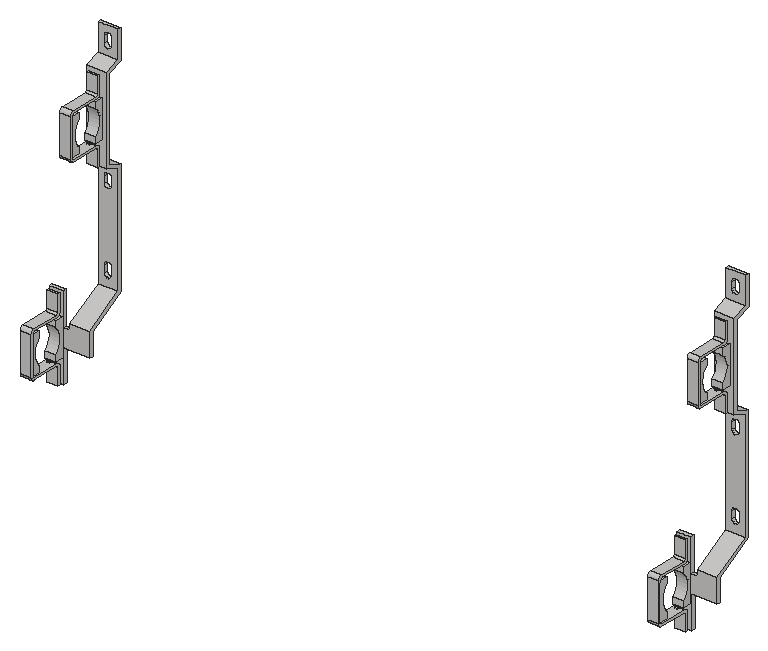
Revit family "_FHF-MB_RFA", category Pipe Accessories, Revit 2019
Family settings
  Round Connector Dimension = Use Diameter
  Part Type = Normal
  OmniClass Number = 23.65.55.14.17
  OmniClass Title = Adjusting/Controlling Valves for Liquid Services
  Work Plane-Based = No
  Always vertical = Yes
  Cut with Voids When Loaded = No
  Shared = Yes
Parameters (values of type "FHF-MB_088U0585")
  W = 85.5 mm
  Valve Body Material = Danfoss Stainless Steel
  Model Type = "FHF-MB_Mounting brackets set"
  Model = "088U0585"
  Manufacturer = "Danfoss"  # constant formula
  LOD 350 [instance] = not(LOD 200)  # yes
  LOD 200 [instance] = no
  L [instance] = 688 mm
  IfcExportType = "FHF-MB"  # constant formula
  IfcExportAs = "IfcValveType"  # constant formula
  H = 342 mm
  Description = "Accessories for Manifolds"
Reference planes
  plane 1 "Center (Front/Back)": y = 0
  plane 2: z = 0
  plane 3 "s": x = 0
  plane 4: x = 716.737
  plane 5: x = 14.697
  plane 6: x = 2.697
  plane 7: x = 673.959
  plane 8: x = 690.697
  plane 9: x = 685.947
  plane 10: x = 707.447
  plane 11: x = -22.303
  plane 12: x = -10.303
  plane 13: x = 677.697
  plane 14: x = 665.697
  plane 15: y = 1.109
  plane 16: y = -2.391
  plane 17: z = -257.811
  plane 18: z = 84.189
  plane 19: y = 40.109
  plane 20: y = -45.391
  plane 21 "Center (Left/Right)": x = 8.697
  plane 22 "right": x = 696.697
  plane 23: x = 702.697
Forms (mm)
  Extrusion 1, solid, material "Danfoss Stainless Steel" <- "Valve Body Material"
    sketch origin (0, 0, 0) x (0, 1, 0) y (0, 0, 1)
      loop
        line (16.609, 28.189) -> (16.609, 46.189) -> (14.609, 46.189) -> (14.609, 28.189)
        arc (14.609, 28.189) -> (14.023, 26.775) -> (12.609, 26.189) r 2
        line (12.609, 26.189) -> (-18.391, 26.189)
        arc (-18.391, 26.189) -> (-21.219, 25.017) -> (-22.391, 22.189) r 4
        line (-22.391, 22.189) -> (-22.391, -19.811)
        arc (-22.391, -19.811) -> (-21.219, -22.639) -> (-18.391, -23.811) r 4
        line (-18.391, -23.811) -> (12.609, -23.811)
        arc (12.609, -23.811) -> (14.023, -24.397) -> (14.609, -25.811) r 2
        line (14.609, -25.811) -> (14.609, -43.811) -> (16.609, -43.811) -> (16.609, -25.811)
        arc (16.609, -25.811) -> (15.438, -22.983) -> (12.609, -21.811) r 4
        line (12.609, -21.811) -> (-18.391, -21.811)
        arc (-18.391, -21.811) -> (-19.992, -21.042) -> (-20.391, -19.311) r 2.05
        line (-20.391, -19.311) -> (-20.391, 21.689)
        arc (-20.391, 21.689) -> (-19.992, 23.42) -> (-18.391, 24.189) r 2.05
        line (-18.391, 24.189) -> (12.609, 24.189)
        arc (12.609, 24.189) -> (15.438, 25.361) -> (16.609, 28.189) r 4
    from 2.697 to 14.697
  Extrusion 2, solid, material "Danfoss Stainless Steel" <- "Valve Body Material"
    sketch origin (0, 0, 0) x (0, 1, 0) y (0, 0, 1)
      loop
        line (36.609, 84.189) -> (36.609, 54.013) -> (20.609, 48.189) -> (20.609, -45.811) -> (36.609, -51.634) -> (36.609, -173.334) -> (-2.391, -195.851) -> (-2.391, -221.811) -> (1.109, -221.811) -> (1.109, -197.872) -> (40.109, -175.355) -> (40.109, -49.184) -> (24.109, -43.36) -> (24.109, 45.738) -> (40.109, 51.562) -> (40.109, 84.189) -> (36.609, 84.189)
    from -2.053 to 19.447
  Extrusion 3, solid, material "Danfoss Stainless Steel" <- "Valve Body Material"
    sketch origin (0, 0, 0) x (0, 1, 0) y (0, 0, 1)
      loop
        line (-6.391, -184.811) -> (-6.391, -166.811) -> (-8.391, -166.811) -> (-8.391, -184.811)
        arc (-8.391, -184.811) -> (-8.977, -186.225) -> (-10.391, -186.811) r 2
        line (-10.391, -186.811) -> (-41.391, -186.811)
        arc (-41.391, -186.811) -> (-44.219, -187.983) -> (-45.391, -190.811) r 4
        line (-45.391, -190.811) -> (-45.391, -232.811)
        arc (-45.391, -232.811) -> (-44.219, -235.639) -> (-41.391, -236.811) r 4
        line (-41.391, -236.811) -> (-10.391, -236.811)
        arc (-10.391, -236.811) -> (-8.977, -237.397) -> (-8.391, -238.811) r 2
        line (-8.391, -238.811) -> (-8.391, -256.811) -> (-6.391, -256.811) -> (-6.391, -238.811)
        arc (-6.391, -238.811) -> (-7.562, -235.983) -> (-10.391, -234.811) r 4
        line (-10.391, -234.811) -> (-41.391, -234.811)
        arc (-41.391, -234.811) -> (-42.992, -234.042) -> (-43.391, -232.311) r 2.05
        line (-43.391, -232.311) -> (-43.391, -191.311)
        arc (-43.391, -191.311) -> (-42.992, -189.58) -> (-41.391, -188.811) r 2.05
        line (-41.391, -188.811) -> (-10.391, -188.811)
        arc (-10.391, -188.811) -> (-7.562, -187.639) -> (-6.391, -184.811) r 4
    from -22.303 to -10.303
  Extrusion 4, solid, material "Danfoss Stainless Steel" <- "Valve Body Material"
    sketch origin (0, 0, 0) x (1, 0, 0) y (0, 0, 1)
      loop
        line (-2.053, -201.811) -> (-9.553, -201.811) -> (-9.553, -165.811) -> (-24.553, -165.811) -> (-24.553, -257.811) -> (-8.553, -257.811) -> (-8.553, -221.811) -> (-2.053, -221.811) -> (-2.053, -201.811)
    from -1.109 to 2.391
  Extrusion 5, solid, material "Danfoss Stainless Steel" <- "Valve Body Material", visible <- "LOD 350"
    sketch origin (0, 0, 0) x (0, 1, 0) y (0, 0, 1)
      loop
        line (-2.391, -191.311) -> (-11.391, -191.311) -> (-11.391, -198.283)
        arc (-11.391, -198.283) -> (-5.61, -211.811) -> (-11.391, -225.339) r 18.718
        line (-11.391, -225.339) -> (-11.391, -232.311) -> (-2.391, -232.311) -> (-2.391, -191.311)
      loop
        line (-34.391, -191.311) -> (-43.391, -191.311) -> (-43.391, -232.311) -> (-34.391, -232.311) -> (-34.391, -225.339)
        arc (-34.391, -225.339) -> (-40.327, -211.811) -> (-34.391, -198.283) r 18.382
        line (-34.391, -198.283) -> (-34.391, -191.311)
    from -22.303 to -10.303
  Extrusion 6, solid, material "Danfoss Stainless Steel" <- "Valve Body Material", visible <- "LOD 350"
    sketch origin (0, 0, 0) x (0, 1, 0) y (0, 0, 1)
      loop
        line (20.609, 21.689) -> (11.609, 21.689) -> (11.609, 14.717)
        arc (11.609, 14.717) -> (17.39, 1.189) -> (11.609, -12.339) r 18.718
        line (11.609, -12.339) -> (11.609, -19.311) -> (20.609, -19.311) -> (20.609, 21.689)
      loop
        line (-11.391, 21.689) -> (-20.391, 21.689) -> (-20.391, -19.311) -> (-11.391, -19.311) -> (-11.391, -12.339)
        arc (-11.391, -12.339) -> (-17.327, 1.189) -> (-11.391, 14.717) r 18.382
        line (-11.391, 14.717) -> (-11.391, 21.689)
    from 2.697 to 14.697
  Extrusion 7, solid, material "Danfoss Stainless Steel" <- "Valve Body Material"
    sketch origin (0, 0, 0) x (0, 1, 0) y (0, 0, 1)
      loop
        line (16.609, 28.189) -> (16.609, 46.189) -> (14.609, 46.189) -> (14.609, 28.189)
        arc (14.609, 28.189) -> (14.023, 26.775) -> (12.609, 26.189) r 2
        line (12.609, 26.189) -> (-18.391, 26.189)
        arc (-18.391, 26.189) -> (-21.219, 25.017) -> (-22.391, 22.189) r 4
        line (-22.391, 22.189) -> (-22.391, -19.811)
        arc (-22.391, -19.811) -> (-21.219, -22.639) -> (-18.391, -23.811) r 4
        line (-18.391, -23.811) -> (12.609, -23.811)
        arc (12.609, -23.811) -> (14.023, -24.397) -> (14.609, -25.811) r 2
        line (14.609, -25.811) -> (14.609, -43.811) -> (16.609, -43.811) -> (16.609, -25.811)
        arc (16.609, -25.811) -> (15.438, -22.983) -> (12.609, -21.811) r 4
        line (12.609, -21.811) -> (-18.391, -21.811)
        arc (-18.391, -21.811) -> (-19.992, -21.042) -> (-20.391, -19.311) r 2.05
        line (-20.391, -19.311) -> (-20.391, 21.689)
        arc (-20.391, 21.689) -> (-19.992, 23.42) -> (-18.391, 24.189) r 2.05
        line (-18.391, 24.189) -> (12.609, 24.189)
        arc (12.609, 24.189) -> (15.438, 25.361) -> (16.609, 28.189) r 4
    from 690.697 to 702.697
  Extrusion 8, solid, material "Danfoss Stainless Steel" <- "Valve Body Material"
    sketch origin (0, 0, 0) x (0, 1, 0) y (0, 0, 1)
      loop
        line (36.609, 84.189) -> (36.609, 54.013) -> (20.609, 48.189) -> (20.609, -45.811) -> (36.609, -51.634) -> (36.609, -173.334) -> (-2.391, -195.851) -> (-2.391, -221.811) -> (1.109, -221.811) -> (1.109, -197.872) -> (40.109, -175.355) -> (40.109, -49.184) -> (24.109, -43.36) -> (24.109, 45.738) -> (40.109, 51.562) -> (40.109, 84.189) -> (36.609, 84.189)
    from 685.947 to 707.447
  Extrusion 9, solid, material "Danfoss Stainless Steel" <- "Valve Body Material", visible <- "LOD 350"
    sketch origin (0, 0, 0) x (0, 1, 0) y (0, 0, 1)
      loop
        line (20.609, 21.689) -> (11.609, 21.689) -> (11.609, 14.717)
        arc (11.609, 14.717) -> (17.39, 1.189) -> (11.609, -12.339) r 18.718
        line (11.609, -12.339) -> (11.609, -19.311) -> (20.609, -19.311) -> (20.609, 21.689)
      loop
        line (-11.391, 21.689) -> (-20.391, 21.689) -> (-20.391, -19.311) -> (-11.391, -19.311) -> (-11.391, -12.339)
        arc (-11.391, -12.339) -> (-17.327, 1.189) -> (-11.391, 14.717) r 18.382
        line (-11.391, 14.717) -> (-11.391, 21.689)
    from 702.697 to 690.697
  Extrusion 10, solid, material "Danfoss Stainless Steel" <- "Valve Body Material", visible <- "LOD 350"
    sketch origin (0, 0, 0) x (0, 1, 0) y (0, 0, 1)
      loop
        line (-2.391, -191.311) -> (-11.391, -191.311) -> (-11.391, -198.283)
        arc (-11.391, -198.283) -> (-5.61, -211.811) -> (-11.391, -225.339) r 18.718
        line (-11.391, -225.339) -> (-11.391, -232.311) -> (-2.391, -232.311) -> (-2.391, -191.311)
      loop
        line (-34.391, -191.311) -> (-43.391, -191.311) -> (-43.391, -232.311) -> (-34.391, -232.311) -> (-34.391, -225.339)
        arc (-34.391, -225.339) -> (-40.327, -211.811) -> (-34.391, -198.283) r 18.382
        line (-34.391, -198.283) -> (-34.391, -191.311)
    from 665.697 to 677.697
  Extrusion 11, solid, material "Danfoss Stainless Steel" <- "Valve Body Material"
    sketch origin (0, 0, 0) x (0, 1, 0) y (0, 0, 1)
      loop
        line (-6.391, -184.811) -> (-6.391, -166.811) -> (-8.391, -166.811) -> (-8.391, -184.811)
        arc (-8.391, -184.811) -> (-8.977, -186.225) -> (-10.391, -186.811) r 2
        line (-10.391, -186.811) -> (-41.391, -186.811)
        arc (-41.391, -186.811) -> (-44.219, -187.983) -> (-45.391, -190.811) r 4
        line (-45.391, -190.811) -> (-45.391, -232.811)
        arc (-45.391, -232.811) -> (-44.219, -235.639) -> (-41.391, -236.811) r 4
        line (-41.391, -236.811) -> (-10.391, -236.811)
        arc (-10.391, -236.811) -> (-8.977, -237.397) -> (-8.391, -238.811) r 2
        line (-8.391, -238.811) -> (-8.391, -256.811) -> (-6.391, -256.811) -> (-6.391, -238.811)
        arc (-6.391, -238.811) -> (-7.562, -235.983) -> (-10.391, -234.811) r 4
        line (-10.391, -234.811) -> (-41.391, -234.811)
        arc (-41.391, -234.811) -> (-42.992, -234.042) -> (-43.391, -232.311) r 2.05
        line (-43.391, -232.311) -> (-43.391, -191.311)
        arc (-43.391, -191.311) -> (-42.992, -189.58) -> (-41.391, -188.811) r 2.05
        line (-41.391, -188.811) -> (-10.391, -188.811)
        arc (-10.391, -188.811) -> (-7.562, -187.639) -> (-6.391, -184.811) r 4
    from 665.697 to 677.697
  Sweep 12, solid, material "Danfoss Stainless Steel" <- "Valve Body Material"
    path origin (0, 0, -213) x (0, -1, 0) y (1, 0, 0)
      loop
        line (-1.109, 716.737) -> (2.391, 716.737)
    profile origin (716.737, -0.641, -213) x (1, 0, 0) y (0, 0, 1)
      loop
        line (-38.291, 11.189) -> (-38.291, 47.189) -> (-53.291, 47.189) -> (-53.291, -44.811) -> (-37.291, -44.811) -> (-37.291, -8.811) -> (-30.791, -8.811) -> (-30.791, 11.189) -> (-38.291, 11.189)
  Extrusion 13, void
    sketch origin (0, 0, 0) x (1, 0, 0) y (0, 0, 1)
      loop
        line (4.447, 72.939) -> (4.447, 65.439)
        arc (4.447, 65.439) -> (8.697, 61.189) -> (12.947, 65.439) r 4.25
        line (12.947, 65.439) -> (12.947, 72.939)
        arc (12.947, 72.939) -> (8.697, 77.189) -> (4.447, 72.939) r 4.25
      loop
        line (4.447, -64.884) -> (4.447, -72.384)
        arc (4.447, -72.384) -> (8.697, -76.634) -> (12.947, -72.384) r 4.25
        line (12.947, -72.384) -> (12.947, -64.884)
        arc (12.947, -64.884) -> (8.697, -60.634) -> (4.447, -64.884) r 4.25
      loop
        line (4.447, -152.584) -> (4.447, -160.084)
        arc (4.447, -160.084) -> (8.697, -164.334) -> (12.947, -160.084) r 4.25
        line (12.947, -160.084) -> (12.947, -152.584)
        arc (12.947, -152.584) -> (8.697, -148.334) -> (4.447, -152.584) r 4.25
    from -68.107 to 34.391
  Sweep 14, void
    path origin (0, 0, -213) x (0, -1, 0) y (1, 0, 0)
      loop
        line (-46.109, 716.737) -> (63.891, 716.737)
    profile origin (716.737, -8.891, -213) x (1, 0, 0) y (0, 0, 1)
      loop
        line (-15.791, 278.439) -> (-15.791, 285.939)
        arc (-15.791, 285.939) -> (-20.041, 290.189) -> (-24.291, 285.939) r 4.25
        line (-24.291, 285.939) -> (-24.291, 278.439)
        arc (-24.291, 278.439) -> (-20.041, 274.189) -> (-15.791, 278.439) r 4.25
      loop
        line (-15.791, 140.616) -> (-15.791, 148.116)
        arc (-15.791, 148.116) -> (-20.041, 152.366) -> (-24.291, 148.116) r 4.25
        line (-24.291, 148.116) -> (-24.291, 140.616)
        arc (-24.291, 140.616) -> (-20.041, 136.366) -> (-15.791, 140.616) r 4.25
      loop
        line (-15.791, 52.916) -> (-15.791, 60.416)
        arc (-15.791, 60.416) -> (-20.041, 64.666) -> (-24.291, 60.416) r 4.25
        line (-24.291, 60.416) -> (-24.291, 52.916)
        arc (-24.291, 52.916) -> (-20.041, 48.666) -> (-15.791, 52.916) r 4.25
Cuts and joins
  Extrusion 13 cuts Extrusion 2
  joined: Extrusion 2, Extrusion 4
  Sweep 14 cuts Extrusion 8
  Sweep 14 cuts Sweep 12
  joined: Extrusion 8, Sweep 12
Dimensions and locks
  plane 4 to plane 10 to plane 22 "right" to plane 8 to plane 9 = 9.291 mm locked, 10.75 mm locked, 6 mm locked, 4.75 mm locked
  plane 4 to plane 13 to plane 14 = 39.041 mm locked, 12 mm locked
  plane 16 to plane 1 "Center (Front/Back)" to plane 15 = 2.391 mm locked, 1.109 mm locked
  "H": plane 18 to plane 17
  "W": plane 20 to plane 19
  "L": plane 21 "Center (Left/Right)" to plane 22 "right"
  locked: plane 8 to plane 23 at 12
  aligned and locked: level to plane 2
  aligned and locked: Extrusion 1 to plane 5
  aligned and locked: plane 6 to Extrusion 1
  aligned and locked: Extrusion 6 to plane 5
  aligned and locked: plane 6 to Extrusion 6
  aligned and locked: plane 8 to Extrusion 7
  aligned and locked: Extrusion 8 to plane 10
  aligned and locked: plane 9 to Extrusion 8
  aligned and locked: Extrusion 10 to plane 14
  aligned and locked: plane 13 to Extrusion 10
  aligned and locked: Extrusion 11 to plane 14
  aligned and locked: plane 13 to Extrusion 11
  aligned and locked: Extrusion 7 to plane 23
  aligned and locked: Extrusion 9 to plane 23
  aligned and locked: plane 8 to Extrusion 9
Automatic sketch dimensions
  Extrusion 1 sketch curve to Extrusion 1 sketch curve = 0 mm  (x7)
  plane 1 "Center (Front/Back)" to Extrusion 1 sketch curve = 22.391 mm
  Extrusion 1 sketch curve to Extrusion 1 sketch curve = 2 mm  (x7)
  Extrusion 1 sketch curve to plane 1 "Center (Front/Back)" = 12.609 mm  (x2)
  Extrusion 1 sketch curve to Extrusion 1 sketch curve = 18 mm  (x2)
  Extrusion 1 sketch curve to Extrusion 1 sketch curve = 0.05 mm
  level to Extrusion 1 sketch curve = 21.689 mm
  Extrusion 1 sketch curve to Extrusion 1 sketch curve = 0.45 mm
  plane 1 "Center (Front/Back)" to Extrusion 2 sketch curve = 2.391 mm
  Extrusion 2 sketch curve to plane 1 "Center (Front/Back)" = 1.109 mm
  Extrusion 2 sketch curve to plane 1 "Center (Front/Back)" = 20.609 mm
  Extrusion 2 sketch curve to Extrusion 2 sketch curve = 3.5 mm  (x3)
  Extrusion 2 sketch curve to Extrusion 2 sketch curve = 12.5 mm
  Extrusion 2 sketch curve to plane 1 "Center (Front/Back)" = 36.609 mm
  Extrusion 2 sketch curve to Extrusion 2 sketch curve = 2.021 mm  (x2)
  Extrusion 2 sketch curve to Extrusion 2 sketch curve = 2.451 mm  (x4)
  level to Extrusion 2 sketch curve = 45.738 mm
  Extrusion 2 sketch curve to Extrusion 2 sketch curve = 5.824 mm  (x2)
  Extrusion 2 sketch curve to Extrusion 2 sketch curve = 30.176 mm
  Extrusion 3 sketch curve to Extrusion 3 sketch curve = 0 mm  (x7)
  plane 1 "Center (Front/Back)" to Extrusion 3 sketch curve = 45.391 mm
  Extrusion 3 sketch curve to Extrusion 3 sketch curve = 2 mm  (x7)
  plane 1 "Center (Front/Back)" to Extrusion 3 sketch curve = 10.391 mm  (x2)
  Extrusion 3 sketch curve to Extrusion 3 sketch curve = 18 mm  (x2)
  Extrusion 3 sketch curve to Extrusion 3 sketch curve = 0.05 mm
  Extrusion 3 sketch curve to level = 191.311 mm
  Extrusion 3 sketch curve to Extrusion 3 sketch curve = 0.45 mm
  plane 11 to Extrusion 4 sketch curve = 2.25 mm
  Extrusion 4 sketch curve to plane 12 = 0.75 mm
  Extrusion 4 sketch curve to plane 12 = 1.75 mm
  Extrusion 4 sketch curve to plane 3 "s" = 2.053 mm
  plane 1 "Center (Front/Back)" to Extrusion 5 sketch curve = 43.391 mm
  Extrusion 5 sketch curve to Extrusion 5 sketch curve = 9 mm  (x2)
  Extrusion 5 sketch curve to Extrusion 5 sketch curve = 10.063 mm
  Extrusion 5 sketch curve to Extrusion 5 sketch curve = 2.383 mm
  plane 1 "Center (Front/Back)" to Extrusion 5 sketch curve = 11.391 mm  (x2)
  plane 1 "Center (Front/Back)" to Extrusion 5 sketch curve = 2.391 mm
  Extrusion 5 sketch curve to Extrusion 5 sketch curve = 6.972 mm  (x4)
  plane 1 "Center (Front/Back)" to Extrusion 6 sketch curve = 20.391 mm
  Extrusion 6 sketch curve to Extrusion 6 sketch curve = 9 mm  (x2)
  Extrusion 6 sketch curve to Extrusion 6 sketch curve = 10.063 mm
  Extrusion 6 sketch curve to Extrusion 6 sketch curve = 2.383 mm
  Extrusion 6 sketch curve to plane 1 "Center (Front/Back)" = 11.609 mm  (x2)
  Extrusion 6 sketch curve to plane 1 "Center (Front/Back)" = 20.609 mm
  Extrusion 6 sketch curve to Extrusion 6 sketch curve = 6.972 mm  (x4)
  Extrusion 7 sketch curve to Extrusion 7 sketch curve = 0 mm  (x7)
  plane 1 "Center (Front/Back)" to Extrusion 7 sketch curve = 22.391 mm
  Extrusion 7 sketch curve to Extrusion 7 sketch curve = 2 mm  (x7)
  Extrusion 7 sketch curve to plane 1 "Center (Front/Back)" = 12.609 mm  (x2)
  Extrusion 7 sketch curve to Extrusion 7 sketch curve = 18 mm  (x2)
  Extrusion 7 sketch curve to Extrusion 7 sketch curve = 0.05 mm
  level to Extrusion 7 sketch curve = 21.689 mm
  Extrusion 7 sketch curve to Extrusion 7 sketch curve = 0.45 mm
  plane 1 "Center (Front/Back)" to Extrusion 8 sketch curve = 2.391 mm
  Extrusion 8 sketch curve to plane 1 "Center (Front/Back)" = 1.109 mm
  Extrusion 8 sketch curve to plane 1 "Center (Front/Back)" = 20.609 mm
  Extrusion 8 sketch curve to Extrusion 8 sketch curve = 3.5 mm  (x3)
  Extrusion 8 sketch curve to Extrusion 8 sketch curve = 12.5 mm
  Extrusion 8 sketch curve to plane 1 "Center (Front/Back)" = 36.609 mm
  Extrusion 8 sketch curve to Extrusion 8 sketch curve = 2.021 mm  (x2)
  Extrusion 8 sketch curve to Extrusion 8 sketch curve = 2.451 mm  (x4)
  level to Extrusion 8 sketch curve = 45.738 mm
  Extrusion 8 sketch curve to Extrusion 8 sketch curve = 5.824 mm  (x2)
  Extrusion 8 sketch curve to Extrusion 8 sketch curve = 30.176 mm
  plane 1 "Center (Front/Back)" to Extrusion 9 sketch curve = 20.391 mm
  Extrusion 9 sketch curve to Extrusion 9 sketch curve = 9 mm  (x3)
  plane 1 "Center (Front/Back)" to Extrusion 9 sketch curve = 1.328 mm
  Extrusion 9 sketch curve to plane 1 "Center (Front/Back)" = 1.055 mm
  Extrusion 9 sketch curve to plane 1 "Center (Front/Back)" = 11.609 mm  (x2)
  Extrusion 9 sketch curve to level = 19.311 mm  (x2)
  Extrusion 9 sketch curve to Extrusion 9 sketch curve = 6.972 mm  (x4)
  level to Extrusion 9 sketch curve = 1.189 mm  (x2)
  plane 1 "Center (Front/Back)" to Extrusion 10 sketch curve = 43.391 mm
  Extrusion 10 sketch curve to Extrusion 10 sketch curve = 9 mm  (x2)
  Extrusion 10 sketch curve to Extrusion 10 sketch curve = 10.063 mm
  Extrusion 10 sketch curve to Extrusion 10 sketch curve = 2.383 mm
  plane 1 "Center (Front/Back)" to Extrusion 10 sketch curve = 11.391 mm  (x2)
  plane 1 "Center (Front/Back)" to Extrusion 10 sketch curve = 2.391 mm
  Extrusion 10 sketch curve to Extrusion 10 sketch curve = 6.972 mm  (x4)
  Extrusion 11 sketch curve to Extrusion 11 sketch curve = 0 mm  (x8)
  plane 1 "Center (Front/Back)" to Extrusion 11 sketch curve = 45.391 mm
  Extrusion 11 sketch curve to Extrusion 11 sketch curve = 2 mm  (x7)
  plane 1 "Center (Front/Back)" to Extrusion 11 sketch curve = 10.391 mm  (x2)
  Extrusion 11 sketch curve to Extrusion 11 sketch curve = 18 mm  (x2)
  Extrusion 11 sketch curve to Extrusion 11 sketch curve = 0.05 mm
  Extrusion 11 sketch curve to Extrusion 11 sketch curve = 0.45 mm
  Sweep 12 sketch curve to plane 4 = 0 mm
  plane 15 to Sweep 12 sketch curve = 0 mm
  plane 16 to Sweep 12 sketch curve = 0 mm
  profile plane to Sweep 12 sketch curve = 53.291 mm
  Sweep 12 sketch curve to Sweep 12 sketch curve = 15 mm
  Sweep 12 sketch curve to Sweep 12 sketch curve = 16 mm
  Sweep 12 sketch curve to Sweep 12 sketch curve = 7.5 mm
  Sweep 12 sketch curve to Sweep 12 sketch curve = 36 mm
  Extrusion 13 sketch curve to plane 6 = 1.75 mm  (x3)
  Extrusion 13 sketch curve to Extrusion 13 sketch curve = 4.25 mm  (x3)
  Extrusion 13 sketch curve to Extrusion 13 sketch curve = 7.5 mm  (x3)
  level to Extrusion 13 sketch curve = 65.439 mm
  Sweep 14 sketch curve to plane 4 = 0 mm
  Sweep 14 sketch curve to plane 15 = 45 mm
  plane 16 to Sweep 14 sketch curve = 61.5 mm
  profile plane to Sweep 14 sketch curve = 24.291 mm  (x3)
  Sweep 14 sketch curve to Sweep 14 sketch curve = 4.25 mm  (x3)
  Sweep 14 sketch curve to Sweep 14 sketch curve = 7.5 mm  (x3)
  Sweep 14 sketch curve to Sweep 14 sketch curve = 80.2 mm
  Sweep 14 sketch curve to Sweep 14 sketch curve = 130.324 mm
  Extrusion 1 sketch curve to level = 19.311 mm
  Extrusion 2 sketch curve to level = 51.634 mm
  Extrusion 7 sketch curve to level = 19.311 mm
  Extrusion 8 sketch curve to level = 51.634 mm
  Extrusion 13 sketch curve to level = 72.384 mm
  Extrusion 2 sketch curve to plane 17 = 84.476 mm
  Extrusion 2 sketch curve to Extrusion 2 sketch curve = 22.517 mm
  Extrusion 2 sketch curve to Extrusion 2 sketch curve = 23.939 mm
  Extrusion 3 sketch curve to plane 17 = 25.5 mm
  Extrusion 4 sketch curve to plane 17 = 0 mm
  Extrusion 4 sketch curve to Extrusion 4 sketch curve = 36 mm  (x2)
  Extrusion 4 sketch curve to Extrusion 4 sketch curve = 20 mm
  Extrusion 5 sketch curve to plane 17 = 25.5 mm  (x2)
  Extrusion 5 sketch curve to Extrusion 5 sketch curve = 13.528 mm
  Extrusion 5 sketch curve to Extrusion 5 sketch curve = 0 mm
  Extrusion 6 sketch curve to level = 19.311 mm  (x2)
  level to Extrusion 6 sketch curve = 1.189 mm  (x2)
  Extrusion 8 sketch curve to plane 17 = 84.476 mm
  Extrusion 8 sketch curve to Extrusion 8 sketch curve = 22.517 mm
  Extrusion 8 sketch curve to Extrusion 8 sketch curve = 23.939 mm
  Extrusion 10 sketch curve to plane 17 = 25.5 mm  (x2)
  Extrusion 10 sketch curve to Extrusion 10 sketch curve = 13.528 mm
  Extrusion 10 sketch curve to Extrusion 10 sketch curve = 0 mm
  Extrusion 11 sketch curve to plane 17 = 1 mm
  Extrusion 11 sketch curve to Extrusion 11 sketch curve = 41 mm
  Sweep 12 sketch curve to profile plane = 44.811 mm
  Sweep 12 sketch curve to profile plane = 8.811 mm
  profile plane to Sweep 12 sketch curve = 11.189 mm
  Extrusion 13 sketch curve to Extrusion 13 sketch curve = 80.2 mm
  profile plane to Sweep 14 sketch curve = 52.916 mm
